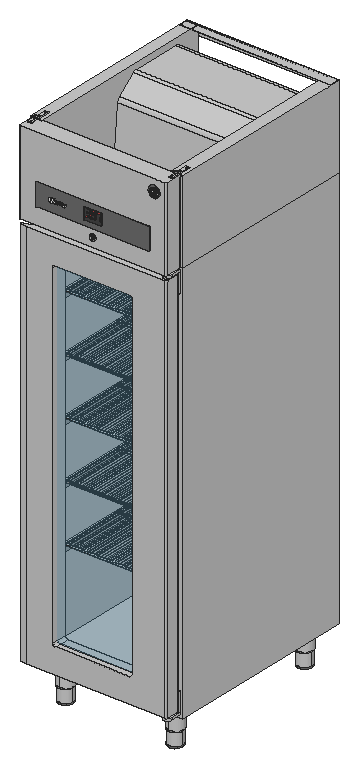
Revit family "QF_HOSHIZAKI_174601010", category Specialty Equipment, Revit 2016
Family settings
  Part Type = Normal
  Round Connector Dimension = Use Diameter
  OmniClass Number = 23.40.40.14
  OmniClass Title = Food Service Equipment
  Work Plane-Based = No
  Always vertical = Yes
  Cut with Voids When Loaded = No
  Shared = No
  Room Calculation Point = No
Parameters (values of type "174601010_230V/1Ph/50Hz")
  Weight = 110.00 kg
  Volts = 230 V
  URL Cutsheet = ""
  URL = "www.hoshizaki-europe.com"
  Status [instance] = ""
  Specification by User [instance] = ""
  Specification by Manufacturer [instance] = ""
  Serial Number = ""
  Seismic Rating = ""
  SMACNA No = ""
  Revision Code [instance] = ""
  Phase = 1
  Number of Poles = 2
  NAFEM Spec ID Number = ""
  Model = "PREMIER KG 60 L DR"
  Min Ckt Ampacity = 0 A
  Max Overcurrent Protection = 0 A
  Masterspec = ""
  Manufacturer = "HOSHIZAKI"
  Length Actual = 610 mm
  Item Number [instance] = ""
  Installed By [instance] = ""
  Identify Quantity as Lot [instance] = no
  Height Actual = 2100 mm
  HP power = ""
  Furnished By [instance] = ""
  Foodservice Equipment Identifier [instance] = yes
  FL Amps = 4.44 A
  Electric power = 1023 W
  Electric Connection Type [instance] = ""
  Elec Conn RI Height [instance] = 0 mm
  Elec Conn Connection Height [instance] = 1650 mm
  Description = "PREMIER REFRIGERATOR, 1/1 GN, AISI 304 STAINLESS STEEL EXTERIOR AND INTERIOR, GLASS DOOR, HC NATURAL REFRIGERANT, LEGS"
  Depth Actual = 920 mm
  Cycle = 50 Hz
  Cost = 0
  Conn Plug = ""
  Conn Conduit = no
  CSI MasterFormat = ""
  Assembly Code = "E1090320"
  Apparent Power = 1023 VA
  Accessory = no
Reference planes
  plane 1 "Center (Front/Back)": y = 0
  plane 2: z = 0
  plane 3 "Center (Left/Right)": x = 0
Forms (mm)
  Extrusion 1, solid, not visible
    sketch origin (579, -2, 1799) x (1, 0, 0) y (0, 1, 0)
      loop
        line (0, 0) -> (2, 0) -> (2, 2) -> (0, 2) -> (0, 0)
    from 0 to 2
Dimensions and locks
  aligned and locked: level to plane 2
Nested families
  nested 1: "QF_HOSHIZAKI_174601010_230V_1Ph_50Hz" at (0, 0, 150), type "174601010_230V/1Ph/50Hz"
    with Show Logo yes, Show Clearance yes
  nested 2: "QF_HOSHIZAKI_PRE_ADV_LEGS" at (0, 0, 0), type "760660118-610X920"
    with Length Actual 610 mm, Height Actual 150 mm, Depth Actual 920 mm
  nested 3: "QF_HOSHIZAKI_PR_60_RX_GL_DOOR" at (0, -780, 160), type "PR_60_RX_GL_DOOR"
    with Show Logo yes, Show Clearance yes
Connectors
  electrical at (580, 0, 1800), driven by "Apparent Power", driven by "Number of Poles", driven by "Volts"
    settings: on Extrusion 1, index 1, voltage 230 V, apparent load 0 VA, apparent load phase1 1023 VA, apparent load phase2 0 VA, apparent load phase3 0 VA, power factor 1, load classification "Other", number of poles 2, system type 31, power factor state 1, is connector primary yes, connector utility no, sub classification motor no, connector description "Electric connection for '174601010'"
Definition of nested family "QF_HOSHIZAKI_174601010_230V_1Ph_50Hz"
  Parameters (values of type "174601010_230V/1Ph/50Hz")
    URL = "www.hoshizaki-europe.com"
    Show Logo [instance] = yes
    Show Clearance [instance] = yes
    Model = "PREMIER KG 60 L DR"
    Manufacturer = "HOSHIZAKI"
    Description = "PREMIER REFRIGERATOR, 1/1 GN, AISI 304 STAINLESS STEEL EXTERIOR AND INTERIOR, GLASS DOOR, HC NATURAL REFRIGERANT, LEGS"
    Assembly Code = "E1090320"
  Types (3, lengths in mm): name | Model | Description
    174601010_230V/1Ph/50Hz | "PREMIER KG 60 L DR" | "PREMIER REFRIGERATOR, 1/1 GN, AISI 304 STAINLESS STEEL EXTERIOR AND INTERIOR, GLASS DOOR, HC NATURAL REFRIGERANT, LEGS"
    174602030 | "PREMIER KG 60 C DR U" | "PREMIER REFRIGERATOR, 1/1 GN, AISI 304 STAINLESS STEEL EXTERIOR AND INTERIOR, GLASS DOOR, HC NATURAL REFRIGERANT, CASTORS"
    174602010 | "PREMIER KG 60 C DR" | "PREMIER REFRIGERATOR, 1/1 GN, AISI 304 STAINLESS STEEL EXTERIOR AND INTERIOR, GLASS DOOR, HC NATURAL REFRIGERANT, CASTORS"
  Reference planes
    plane 1 "Back": y = 0
    plane 2: z = 0
    plane 3 "Left": x = 0
    plane 4 "Right": x = 610
    plane 5 "Front": y = -850
    plane 6 "Top": z = 1950
  Forms (mm)
    Extrusion 1, solid
      sketch origin (-80.57, -2.4, 1950) x (1, 0, 0) y (0, 1, 0)
        loop
          line (675.57, -773.038) -> (675.57, -726.21) -> (660.57, -726.21) -> (660.57, -773.038) -> (675.57, -773.038)
        loop
          circle (668.07, -734.247) r 1.711
        loop
          circle (668.07, -765.001) r 1.711
      from 0 to 2
    Extrusion 2, solid
      sketch origin (-80.57, -61.259, 1950) x (1, 0, 0) y (0, 1, 0)
        loop
          line (675.57, -752.351) -> (675.57, -720.851) -> (660.57, -720.851) -> (660.57, -752.351) -> (675.57, -752.351)
        loop
          circle (668.07, -727.851) r 1.711
        loop
          circle (668.07, -745.351) r 1.711
      from 0 to 2
    Extrusion 3, solid
      sketch origin (580, -2.4, -0.1) x (0, 1, 0) y (0, 0, 1)
        loop
          arc (-776.21, 1952.1) -> (-777.016, 1954.865) -> (-774.851, 1952.966) r 1.5
          line (-774.851, 1952.966) -> (-772.968, 1952.281)
          arc (-772.968, 1952.281) -> (-778.164, 1956.504) -> (-776.21, 1950.1) r 3.5
          line (-776.21, 1950.1) -> (-773.038, 1950.1) -> (-773.038, 1952.1) -> (-776.21, 1952.1)
      from 0 to 15
    Extrusion 4, solid
      sketch origin (-645.57, -2.4, 1950) x (1, 0, 0) y (0, 1, 0)
        loop
          line (675.57, -773.038) -> (675.57, -726.21) -> (660.57, -726.21) -> (660.57, -773.038) -> (675.57, -773.038)
        loop
          circle (668.07, -734.247) r 1.711
        loop
          circle (668.07, -765.001) r 1.711
      from 0 to 2
    Extrusion 5, solid
      sketch origin (-645.57, -61.259, 1950) x (1, 0, 0) y (0, 1, 0)
        loop
          line (675.57, -752.351) -> (675.57, -720.851) -> (660.57, -720.851) -> (660.57, -752.351) -> (675.57, -752.351)
        loop
          circle (668.07, -727.851) r 1.711
        loop
          circle (668.07, -745.351) r 1.711
      from 0 to 2
    Extrusion 6, solid
      sketch origin (15, -2.4, -0.1) x (0, 1, 0) y (0, 0, 1)
        loop
          arc (-776.21, 1952.1) -> (-777.016, 1954.865) -> (-774.851, 1952.966) r 1.5
          line (-774.851, 1952.966) -> (-772.968, 1952.281)
          arc (-772.968, 1952.281) -> (-778.164, 1956.504) -> (-776.21, 1950.1) r 3.5
          line (-776.21, 1950.1) -> (-773.038, 1950.1) -> (-773.038, 1952.1) -> (-776.21, 1952.1)
      from 0 to 15
    Extrusion 7, solid
      sketch origin (0, 0, 0) x (0, 1, 0) y (0, 0, 1)
        loop
          line (-780, 1617.5) -> (0, 1617.5) -> (0, 1948.5)
          arc (0, 1948.5) -> (-0.439, 1949.561) -> (-1.5, 1950) r 1.5
          line (-1.5, 1950) -> (-779.35, 1950)
          arc (-779.35, 1950) -> (-779.81, 1949.81) -> (-780, 1949.35) r 0.65
          line (-780, 1949.35) -> (-780, 1617.5)
      from 0 to 45
    Extrusion 8, solid
      sketch origin (565, 0, 0) x (0, 1, 0) y (0, 0, 1)
        loop
          line (-780, 1617.5) -> (0, 1617.5) -> (0, 1948.5)
          arc (0, 1948.5) -> (-0.439, 1949.561) -> (-1.5, 1950) r 1.5
          line (-1.5, 1950) -> (-779.35, 1950)
          arc (-779.35, 1950) -> (-779.81, 1949.81) -> (-780, 1949.35) r 0.65
          line (-780, 1949.35) -> (-780, 1617.5)
      from 0 to 45
    Extrusion 9, solid
      sketch origin (0, 1.5, -0.1) x (0, 1, 0) y (0, 0, 1)
        loop
          line (-1.51, 1951.6) -> (-38.51, 1951.6) -> (-38.51, 1950.1) -> (-3, 1950.1)
          arc (-3, 1950.1) -> (-1.939, 1949.661) -> (-1.5, 1948.6) r 1.5
          line (-1.5, 1948.6) -> (-1.5, 1914.7) -> (0, 1914.7) -> (0, 1950.09)
          arc (0, 1950.09) -> (-0.442, 1951.158) -> (-1.51, 1951.6) r 1.51
      from 1.06 to 609.06
    Extrusion 10, solid
      sketch origin (0, -2.4, 1949.9) x (1, 0, 0) y (0, 1, 0)
        loop
          line (10, -778.8) -> (10, -842.7)
          arc (10, -842.7) -> (11.435, -846.165) -> (14.9, -847.6) r 4.9
          line (14.9, -847.6) -> (595.1, -847.6)
          arc (595.1, -847.6) -> (598.565, -846.165) -> (600, -842.7) r 4.9
          line (600, -842.7) -> (600, -778.8)
          arc (600, -778.8) -> (599.649, -777.951) -> (598.8, -777.6) r 1.2
          line (598.8, -777.6) -> (11.2, -777.6)
          arc (11.2, -777.6) -> (10.351, -777.951) -> (10, -778.8) r 1.2
      from -332.4 to 0.1
    Extrusion 11, solid
      sketch origin (7.29, 0, 0) x (0, 1, 0) y (0, 0, 1)
        loop
          arc (-113.281, 1932.651) -> (-120.8, 1936.992) -> (-129.35, 1938.5) r 25
          line (-129.35, 1938.5) -> (-324.65, 1938.5)
          arc (-324.65, 1938.5) -> (-333.2, 1936.992) -> (-340.719, 1932.651) r 25
          line (-340.719, 1932.651) -> (-408.922, 1875.423)
          arc (-408.922, 1875.423) -> (-415.027, 1867.815) -> (-417.757, 1858.45) r 25
          line (-417.757, 1858.45) -> (-436.998, 1638.52) -> (-17.002, 1638.52) -> (-36.243, 1858.45)
          arc (-36.243, 1858.45) -> (-38.973, 1867.815) -> (-45.078, 1875.423) r 25
          line (-45.078, 1875.423) -> (-113.281, 1932.651)
      from 52.71 to 542.71
    Extrusion 12, solid
      sketch origin (0, 0, 0) x (1, 0, 0) y (0, 0, 1)
        loop
          line (45, 1638.52) -> (45, 1617.5) -> (565, 1617.5) -> (565, 1638.52) -> (45, 1638.52)
      from 0 to 780
    Extrusion 13, solid
      sketch origin (-800.06, -848.5, -0.1) x (1, 0, 0) y (0, 0, 1)
        loop
          arc (883.06, 1773.1) -> (877.403, 1770.757) -> (875.06, 1765.1) r 8
          line (875.06, 1765.1) -> (875.06, 1691.1)
          arc (875.06, 1691.1) -> (877.403, 1685.443) -> (883.06, 1683.1) r 8
          line (883.06, 1683.1) -> (1327.06, 1683.1)
          arc (1327.06, 1683.1) -> (1332.717, 1685.443) -> (1335.06, 1691.1) r 8
          line (1335.06, 1691.1) -> (1335.06, 1765.1)
          arc (1335.06, 1765.1) -> (1332.717, 1770.757) -> (1327.06, 1773.1) r 8
          line (1327.06, 1773.1) -> (883.06, 1773.1)
        loop
          line (1068.56, 1748.1) -> (1068.56, 1708.1)
          arc (1068.56, 1708.1) -> (1069.439, 1705.979) -> (1071.56, 1705.1) r 3
          line (1071.56, 1705.1) -> (1138.56, 1705.1)
          arc (1138.56, 1705.1) -> (1140.681, 1705.979) -> (1141.56, 1708.1) r 3
          line (1141.56, 1708.1) -> (1141.56, 1748.1)
          arc (1141.56, 1748.1) -> (1140.681, 1750.221) -> (1138.56, 1751.1) r 3
          line (1138.56, 1751.1) -> (1071.56, 1751.1)
          arc (1071.56, 1751.1) -> (1069.439, 1750.221) -> (1068.56, 1748.1) r 3
      from 0 to 2
    Extrusion 14, solid
      sketch origin (-840.06, -848.5, -0.1) x (1, 0, 0) y (0, 0, 1)
        loop
          arc (1111.56, 1751.1) -> (1109.439, 1750.221) -> (1108.56, 1748.1) r 3
          line (1108.56, 1748.1) -> (1108.56, 1708.1)
          arc (1108.56, 1708.1) -> (1109.439, 1705.979) -> (1111.56, 1705.1) r 3
          line (1111.56, 1705.1) -> (1178.56, 1705.1)
          arc (1178.56, 1705.1) -> (1180.681, 1705.979) -> (1181.56, 1708.1) r 3
          line (1181.56, 1708.1) -> (1181.56, 1748.1)
          arc (1181.56, 1748.1) -> (1180.681, 1750.221) -> (1178.56, 1751.1) r 3
          line (1178.56, 1751.1) -> (1111.56, 1751.1)
      from 0 to 2
    Extrusion 15, solid
      sketch origin (-840.06, -849, -0.1) x (1, 0, 0) y (0, 0, 1)
        loop
          line (1136.633, 1749.545) -> (1121.158, 1749.545) -> (1124.075, 1746.361) -> (1133.159, 1746.361) -> (1136.633, 1749.545)
        loop
          line (1133.527, 1745.959) -> (1132.66, 1736.05) -> (1135.577, 1732.867) -> (1137.001, 1749.142) -> (1133.527, 1745.959)
        loop
          line (1132.258, 1735.682) -> (1119.945, 1735.682) -> (1122.862, 1732.498) -> (1135.175, 1732.498) -> (1132.258, 1735.682)
        loop
          line (1132.302, 1731.953) -> (1131.447, 1722.188) -> (1134.365, 1719.004) -> (1135.497, 1731.953) -> (1132.302, 1731.953)
        loop
          line (1131.045, 1721.819) -> (1121.961, 1721.819) -> (1118.487, 1718.636) -> (1133.962, 1718.636) -> (1131.045, 1721.819)
        loop
          line (1145.575, 1746.361) -> (1154.659, 1746.361) -> (1158.133, 1749.545) -> (1142.658, 1749.545) -> (1145.575, 1746.361)
        loop
          line (1144.318, 1736.227) -> (1145.173, 1745.992) -> (1142.255, 1749.176) -> (1141.122, 1736.227) -> (1144.318, 1736.227)
        loop
          line (1155.027, 1745.959) -> (1154.16, 1736.05) -> (1157.077, 1732.867) -> (1158.501, 1749.142) -> (1155.027, 1745.959)
        loop
          line (1153.758, 1735.682) -> (1141.445, 1735.682) -> (1144.362, 1732.498) -> (1156.675, 1732.498) -> (1153.758, 1735.682)
        loop
          line (1153.802, 1731.953) -> (1152.947, 1722.188) -> (1155.865, 1719.004) -> (1156.997, 1731.953) -> (1153.802, 1731.953)
        loop
          line (1152.545, 1721.819) -> (1143.461, 1721.819) -> (1139.987, 1718.636) -> (1155.462, 1718.636) -> (1152.545, 1721.819)
        loop
          line (1167.075, 1746.361) -> (1176.159, 1746.361) -> (1179.633, 1749.545) -> (1164.158, 1749.545) -> (1167.075, 1746.361)
        loop
          line (1176.527, 1745.959) -> (1175.66, 1736.05) -> (1178.577, 1732.867) -> (1180.001, 1749.142) -> (1176.527, 1745.959)
        loop
          line (1175.302, 1731.953) -> (1174.447, 1722.188) -> (1177.365, 1719.004) -> (1178.497, 1731.953) -> (1175.302, 1731.953)
        loop
          line (1138.858, 1721.819) -> (1135.615, 1721.819) -> (1135.336, 1718.636) -> (1138.58, 1718.636) -> (1138.858, 1721.819)
      from 0 to 2
    Revolve 16, solid
      sketch origin (305, 897.6, -0.1) x (0, 1, 0) y (0, 0, 1)
        loop
          line (-1752.6, 1652.1) -> (-1747.6, 1652.1) -> (-1747.6, 1662.634)
          arc (-1747.6, 1662.634) -> (-1748.329, 1663.731) -> (-1749.631, 1663.534) r 1.226
          line (-1749.631, 1663.534) -> (-1752.6, 1660.565) -> (-1752.6, 1652.1)
        axis (-1747.6, 1652.1) -> (-1752.6, 1652.1)
      angle from 0 to 360
    Extrusion 17, void
      sketch origin (-840.06, -853.5, -1.6) x (1, 0, 0) y (0, 0, 1)
        loop
          line (1143.96, 1657.815) -> (1143.96, 1649.385) -> (1146.16, 1649.385) -> (1146.16, 1657.815) -> (1143.96, 1657.815)
      from -3.5 to 2
    Extrusion 18, solid, visible <- "Show Logo"
      sketch origin (1009.884, -848.5, 39.9) x (-1, 0, 0) y (0, 0, -1)
        loop
          circle (459.884, -1862.5) r 13.99
      from 0 to 2.5
    Extrusion 19, solid, visible <- "Show Logo"
      sketch origin (1009.884, -849, 39.9) x (-1, 0, 0) y (0, 0, -1)
        loop
          circle (459.884, -1862.5) r 15
        loop
          arc (446.884, -1862.5) -> (460.705, -1875.474) -> (472.781, -1860.863) r 13
          line (472.781, -1860.863) -> (470.355, -1858.437) -> (469.346, -1862.201) -> (466.355, -1863.928) -> (465.024, -1865.26) -> (463.375, -1865.26) -> (462.04, -1870.241) -> (457.755, -1870.241) -> (459.339, -1867.979) -> (460.402, -1864.014) -> (461.224, -1860.945) -> (462.416, -1856.497) -> (461.216, -1855.297) -> (459.433, -1857.843) -> (455.784, -1851.523) -> (460.361, -1851.523) -> (461.471, -1853.446) -> (469.213, -1853.446)
          arc (469.213, -1853.446) -> (460.394, -1849.51) -> (451.293, -1852.743) r 13
          line (451.293, -1852.743) -> (455.577, -1853.891) -> (453.752, -1856.497) -> (455.349, -1856.497) -> (454.477, -1866.459) -> (452.538, -1866.459) -> (446.884, -1862.5)
        loop
          line (447.853, -1857.467) -> (452.313, -1861.926) -> (450.144, -1853.891)
          arc (450.144, -1853.891) -> (448.878, -1855.602) -> (447.853, -1857.467) r 15.828
        loop
          line (463.583, -1862.877) -> (466.64, -1862.399) -> (464.901, -1861.285) -> (463.583, -1857.664) -> (463.583, -1862.877)
        loop
          line (464.827, -1855.979) -> (468.296, -1856.908) -> (469.573, -1854.916) -> (468.881, -1854.224) -> (467.914, -1855.035) -> (464.827, -1855.979)
        loop
          line (462.609, -1872.307) -> (462.609, -1874.009) -> (464.927, -1873.388) -> (462.609, -1872.307)
        loop
          line (460.361, -1874.662) -> (459.594, -1873.335) -> (460.801, -1872.638) -> (459.186, -1872.205) -> (458.298, -1874.11) -> (460.361, -1874.662)
        loop
          line (459.623, -1846.783) -> (460.706, -1845.701) -> (462.247, -1845.701) -> (461.191, -1844.645) -> (461.503, -1842.874) -> (459.623, -1843.959) -> (457.743, -1842.874) -> (458.055, -1844.645) -> (456.999, -1845.701) -> (458.54, -1845.701) -> (459.623, -1846.783)
        loop
          line (446.86, -1853.7) -> (446.594, -1852.191) -> (447.478, -1850.929) -> (446.007, -1851.188) -> (444.736, -1849.917) -> (444.547, -1852.08) -> (442.579, -1852.997) -> (444.209, -1853.757) -> (444.468, -1855.228) -> (445.352, -1853.965) -> (446.86, -1853.7)
        loop
          line (452.395, -1848.68) -> (452.856, -1847.219) -> (454.223, -1846.508) -> (452.799, -1846.059) -> (452.258, -1844.344) -> (451.091, -1846.175) -> (448.922, -1846.08) -> (450.017, -1847.507) -> (449.568, -1848.931) -> (450.935, -1848.219) -> (452.395, -1848.68)
        loop
          line (472.909, -1853.7) -> (474.417, -1853.965) -> (475.301, -1855.228) -> (475.56, -1853.757) -> (477.19, -1852.997) -> (475.222, -1852.08) -> (475.033, -1849.917) -> (473.761, -1851.188) -> (472.291, -1850.929) -> (473.175, -1852.191) -> (472.909, -1853.7)
        loop
          line (467.374, -1848.68) -> (468.834, -1848.219) -> (470.201, -1848.931) -> (469.752, -1847.507) -> (470.847, -1846.08) -> (468.678, -1846.175) -> (467.511, -1844.344) -> (466.97, -1846.059) -> (465.546, -1846.508) -> (466.913, -1847.219) -> (467.374, -1848.68)
      from 0 to 2.5
    Extrusion 20, solid, visible <- "Show Logo"
      sketch origin (1009.884, -849, 39.9) x (-1, 0, 0) y (0, 0, -1)
        loop
          line (462.609, -1874.009) -> (462.609, -1872.307) -> (462.085, -1870.241) -> (457.755, -1870.241) -> (459.339, -1867.979) -> (462.416, -1856.497) -> (461.216, -1855.297) -> (459.433, -1857.843) -> (455.808, -1851.565) -> (453.948, -1851.565) -> (455.577, -1853.891) -> (454.477, -1866.459) -> (456.345, -1871.339)
          arc (456.345, -1871.339) -> (456.868, -1874.025) -> (459.213, -1875.435) r 3.366
          arc (459.213, -1875.435) -> (460.198, -1875.496) -> (461.183, -1875.435) r 8.046
          line (461.183, -1875.435) -> (462.609, -1874.009)
        loop
          line (456.854, -1851.523) -> (460.361, -1851.523) -> (460.916, -1852.485) -> (462.702, -1852.485) -> (463.779, -1851.407) -> (460.623, -1851.407) -> (461.563, -1850.468) -> (456.245, -1850.468) -> (456.854, -1851.523)
        loop
          line (460.361, -1874.662) -> (459.594, -1873.335) -> (460.801, -1872.638) -> (459.186, -1872.205) -> (458.298, -1874.11) -> (460.361, -1874.662)
      from 0 to 2.5
    Extrusion 21, solid, visible <- "Show Logo"
      sketch origin (995.5, -848.5, 1338.8) x (-1, 0, 0) y (0, 0, -1)
        loop
          circle (445.5, -563.6) r 22.5
      from 0 to 2
    Extrusion 22, solid
      sketch origin (0, 0, 0) x (1, 0, 0) y (0, 0, 1)
        loop
          line (0, 1617.5) -> (0, 0) -> (610, 0) -> (610, 1617.5) -> (0, 1617.5)
        loop
          line (60, 1557.5) -> (60, 60) -> (550, 60) -> (550, 1557.5) -> (60, 1557.5)
      from 0 to 780
    Extrusion 23, solid
      sketch origin (0, 0, 0) x (1, 0, 0) y (0, 0, 1)
        loop
          line (60, 60) -> (550, 60) -> (550, 1557.5) -> (60, 1557.5) -> (60, 60)
      from 0 to 45
    Extrusion 24, solid
      sketch origin (1668.773, -1377.354, 8.619) x (1, 0, 0) y (0, 0, 1)
        loop
          line (-1608.773, 1040.071) -> (-1597.242, 1064.755)
          arc (-1597.242, 1064.755) -> (-1597.517, 1069.496) -> (-1601.631, 1071.869) r 5
          line (-1601.631, 1071.869) -> (-1608.773, 1072.071) -> (-1608.773, 1040.071)
        loop
          line (-1608.773, 812.071) -> (-1597.242, 836.755)
          arc (-1597.242, 836.755) -> (-1597.517, 841.496) -> (-1601.631, 843.869) r 5
          line (-1601.631, 843.869) -> (-1608.773, 844.071) -> (-1608.773, 812.071)
        loop
          line (-1608.773, 584.071) -> (-1597.242, 608.755)
          arc (-1597.242, 608.755) -> (-1597.517, 613.496) -> (-1601.631, 615.869) r 5
          line (-1601.631, 615.869) -> (-1608.773, 616.071) -> (-1608.773, 584.071)
        loop
          line (-1608.773, 356.071) -> (-1597.242, 380.755)
          arc (-1597.242, 380.755) -> (-1597.517, 385.496) -> (-1601.631, 387.869) r 5
          line (-1601.631, 387.869) -> (-1608.773, 388.071) -> (-1608.773, 356.071)
        loop
          line (-1608.773, 1268.071) -> (-1597.242, 1292.755)
          arc (-1597.242, 1292.755) -> (-1597.517, 1297.496) -> (-1601.631, 1299.869) r 5
          line (-1601.631, 1299.869) -> (-1608.773, 1300.071) -> (-1608.773, 1268.071)
      from -1258.581 to -637.848
    Extrusion 25, void
      sketch origin (1668.773, -1377.354, 8.619) x (1, 0, 0) y (0, 1, 0)
        loop
          line (-1608.773, 637.848) -> (-1591.773, 637.848) -> (-1591.773, 665.582) -> (-1608.773, 637.848)
        loop
          line (-1608.773, 1258.581) -> (-1591.773, 1230.847) -> (-1591.773, 1258.581) -> (-1608.773, 1258.581)
      from 313.326 to 1342.987
    Extrusion 26, solid
      sketch origin (1668.773, -1377.354, 122.629) x (1, 0, 0) y (0, 1, 0)
        loop
          line (-1608.773, 1140.914) -> (-1608.773, 1115.914) -> (-1603.773, 1125.914) -> (-1603.773, 1130.914) -> (-1608.773, 1140.914)
      from 227.371 to 252.977
    Extrusion 27, solid
      sketch origin (1668.773, -1377.354, 350.629) x (1, 0, 0) y (0, 1, 0)
        loop
          line (-1608.773, 1140.914) -> (-1608.773, 1115.914) -> (-1603.773, 1125.914) -> (-1603.773, 1130.914) -> (-1608.773, 1140.914)
      from 227.371 to 252.977
    Extrusion 28, solid
      sketch origin (1668.773, -1377.354, 578.629) x (1, 0, 0) y (0, 1, 0)
        loop
          line (-1608.773, 1140.914) -> (-1608.773, 1115.914) -> (-1603.773, 1125.914) -> (-1603.773, 1130.914) -> (-1608.773, 1140.914)
      from 227.371 to 252.977
    Extrusion 29, solid
      sketch origin (1668.773, -1377.354, 806.629) x (1, 0, 0) y (0, 1, 0)
        loop
          line (-1608.773, 1140.914) -> (-1608.773, 1115.914) -> (-1603.773, 1125.914) -> (-1603.773, 1130.914) -> (-1608.773, 1140.914)
      from 227.371 to 252.977
    Extrusion 30, solid
      sketch origin (1668.773, -1737.354, 122.629) x (1, 0, 0) y (0, 1, 0)
        loop
          line (-1608.773, 1140.914) -> (-1608.773, 1115.914) -> (-1603.773, 1125.914) -> (-1603.773, 1130.914) -> (-1608.773, 1140.914)
      from 227.371 to 252.977
    Extrusion 31, solid
      sketch origin (1668.773, -1737.354, 350.629) x (1, 0, 0) y (0, 1, 0)
        loop
          line (-1608.773, 1140.914) -> (-1608.773, 1115.914) -> (-1603.773, 1125.914) -> (-1603.773, 1130.914) -> (-1608.773, 1140.914)
      from 227.371 to 252.977
    Extrusion 32, solid
      sketch origin (1668.773, -1737.354, 578.629) x (1, 0, 0) y (0, 1, 0)
        loop
          line (-1608.773, 1140.914) -> (-1608.773, 1115.914) -> (-1603.773, 1125.914) -> (-1603.773, 1130.914) -> (-1608.773, 1140.914)
      from 227.371 to 252.977
    Extrusion 33, solid
      sketch origin (1668.773, -1737.354, 806.629) x (1, 0, 0) y (0, 1, 0)
        loop
          line (-1608.773, 1140.914) -> (-1608.773, 1115.914) -> (-1603.773, 1125.914) -> (-1603.773, 1130.914) -> (-1608.773, 1140.914)
      from 227.371 to 252.977
    Extrusion 34, solid
      sketch origin (-1058.773, -1377.354, 8.619) x (-1, 0, 0) y (0, 0, -1)
        loop
          line (-1608.773, -1040.071) -> (-1608.773, -1072.071) -> (-1601.631, -1071.869)
          arc (-1601.631, -1071.869) -> (-1597.517, -1069.496) -> (-1597.242, -1064.755) r 5
          line (-1597.242, -1064.755) -> (-1608.773, -1040.071)
        loop
          line (-1608.773, -812.071) -> (-1608.773, -844.071) -> (-1601.631, -843.869)
          arc (-1601.631, -843.869) -> (-1597.517, -841.496) -> (-1597.242, -836.755) r 5
          line (-1597.242, -836.755) -> (-1608.773, -812.071)
        loop
          line (-1608.773, -584.071) -> (-1608.773, -616.071) -> (-1601.631, -615.869)
          arc (-1601.631, -615.869) -> (-1597.517, -613.496) -> (-1597.242, -608.755) r 5
          line (-1597.242, -608.755) -> (-1608.773, -584.071)
        loop
          line (-1608.773, -356.071) -> (-1608.773, -388.071) -> (-1601.631, -387.869)
          arc (-1601.631, -387.869) -> (-1597.517, -385.496) -> (-1597.242, -380.755) r 5
          line (-1597.242, -380.755) -> (-1608.773, -356.071)
        loop
          line (-1608.773, -1268.071) -> (-1608.773, -1300.071) -> (-1601.631, -1299.869)
          arc (-1601.631, -1299.869) -> (-1597.517, -1297.496) -> (-1597.242, -1292.755) r 5
          line (-1597.242, -1292.755) -> (-1608.773, -1268.071)
      from -1258.581 to -637.848
    Extrusion 35, void
      sketch origin (-1058.773, -1377.354, 8.619) x (-1, 0, 0) y (0, -1, 0)
        loop
          line (-1608.773, -637.848) -> (-1591.773, -665.582) -> (-1591.773, -637.848) -> (-1608.773, -637.848)
        loop
          line (-1608.773, -1258.581) -> (-1591.773, -1258.581) -> (-1591.773, -1230.847) -> (-1608.773, -1258.581)
      from 319.057 to 1352.987
    Extrusion 36, solid
      sketch origin (-1058.773, -1377.354, 122.629) x (-1, 0, 0) y (0, -1, 0)
        loop
          line (-1608.773, -1140.914) -> (-1603.773, -1130.914) -> (-1603.773, -1125.914) -> (-1608.773, -1115.914) -> (-1608.773, -1140.914)
      from 227.371 to 252.977
    Extrusion 37, solid
      sketch origin (-1058.773, -1377.354, 350.629) x (-1, 0, 0) y (0, -1, 0)
        loop
          line (-1608.773, -1140.914) -> (-1603.773, -1130.914) -> (-1603.773, -1125.914) -> (-1608.773, -1115.914) -> (-1608.773, -1140.914)
      from 227.371 to 252.977
    Extrusion 38, solid
      sketch origin (-1058.773, -1377.354, 578.629) x (-1, 0, 0) y (0, -1, 0)
        loop
          line (-1608.773, -1140.914) -> (-1603.773, -1130.914) -> (-1603.773, -1125.914) -> (-1608.773, -1115.914) -> (-1608.773, -1140.914)
      from 227.371 to 252.977
    Extrusion 39, solid
      sketch origin (-1058.773, -1377.354, 806.629) x (-1, 0, 0) y (0, -1, 0)
        loop
          line (-1608.773, -1140.914) -> (-1603.773, -1130.914) -> (-1603.773, -1125.914) -> (-1608.773, -1115.914) -> (-1608.773, -1140.914)
      from 227.371 to 252.977
    Extrusion 40, solid
      sketch origin (-1058.773, -1737.354, 122.629) x (-1, 0, 0) y (0, -1, 0)
        loop
          line (-1608.773, -1140.914) -> (-1603.773, -1130.914) -> (-1603.773, -1125.914) -> (-1608.773, -1115.914) -> (-1608.773, -1140.914)
      from 227.371 to 252.977
    Extrusion 41, solid
      sketch origin (-1058.773, -1737.354, 350.629) x (-1, 0, 0) y (0, -1, 0)
        loop
          line (-1608.773, -1140.914) -> (-1603.773, -1130.914) -> (-1603.773, -1125.914) -> (-1608.773, -1115.914) -> (-1608.773, -1140.914)
      from 227.371 to 252.977
    Extrusion 42, solid
      sketch origin (-1058.773, -1737.354, 578.629) x (-1, 0, 0) y (0, -1, 0)
        loop
          line (-1608.773, -1140.914) -> (-1603.773, -1130.914) -> (-1603.773, -1125.914) -> (-1608.773, -1115.914) -> (-1608.773, -1140.914)
      from 227.371 to 252.977
    Extrusion 43, solid
      sketch origin (-1058.773, -1737.354, 806.629) x (-1, 0, 0) y (0, -1, 0)
        loop
          line (-1608.773, -1140.914) -> (-1603.773, -1130.914) -> (-1603.773, -1125.914) -> (-1608.773, -1115.914) -> (-1608.773, -1140.914)
      from 227.371 to 252.977
    Extrusion 44, solid
      sketch origin (1668.773, -1377.354, 1034.629) x (1, 0, 0) y (0, 1, 0)
        loop
          line (-1608.773, 1140.914) -> (-1608.773, 1115.914) -> (-1603.773, 1125.914) -> (-1603.773, 1130.914) -> (-1608.773, 1140.914)
      from 227.371 to 252.977
    Extrusion 45, solid
      sketch origin (1668.773, -1737.354, 1034.629) x (1, 0, 0) y (0, 1, 0)
        loop
          line (-1608.773, 1140.914) -> (-1608.773, 1115.914) -> (-1603.773, 1125.914) -> (-1603.773, 1130.914) -> (-1608.773, 1140.914)
      from 227.371 to 252.977
    Extrusion 46, solid
      sketch origin (-1058.773, -1377.354, 1034.629) x (-1, 0, 0) y (0, -1, 0)
        loop
          line (-1608.773, -1140.914) -> (-1603.773, -1130.914) -> (-1603.773, -1125.914) -> (-1608.773, -1115.914) -> (-1608.773, -1140.914)
      from 227.371 to 252.977
    Extrusion 47, solid
      sketch origin (-1058.773, -1737.354, 1034.629) x (-1, 0, 0) y (0, -1, 0)
        loop
          line (-1608.773, -1140.914) -> (-1603.773, -1130.914) -> (-1603.773, -1125.914) -> (-1608.773, -1115.914) -> (-1608.773, -1140.914)
      from 227.371 to 252.977
    Sweep 48, solid
      path origin (67.141, -164.14, 1311.988) x (1, 0, 0) y (0, 1, 0)
        loop
          arc (11.859, 0) -> (3.373, -3.515) -> (-0.141, -12) r 12
          line (-0.141, -12) -> (-0.141, -518)
          arc (-0.141, -518) -> (3.373, -526.485) -> (11.859, -530) r 12
          line (11.859, -530) -> (463.859, -530)
          arc (463.859, -530) -> (472.344, -526.485) -> (475.859, -518) r 12
          line (475.859, -518) -> (475.859, -12)
          arc (475.859, -12) -> (472.344, -3.515) -> (463.859, 0) r 12
          line (463.859, 0) -> (11.859, 0)
      profile origin (305, -164.14, 1311.988) x (0, 1, 0) y (0, 0, 1)
        loop
          circle (0, 0) r 3.5
    Extrusion 49, solid
      sketch origin (60.141, -164.14, 1311.988) x (1, 0, 0) y (0, 0, 1)
        loop
          circle (14.5, 4.5) r 1
        loop
          circle (27, 4.5) r 1
        loop
          circle (39.5, 4.5) r 1
        loop
          circle (52, 4.5) r 1
        loop
          circle (64.5, 4.5) r 1
        loop
          circle (77, 4.5) r 1
        loop
          circle (89.5, 4.5) r 1
        loop
          circle (102, 4.5) r 1
        loop
          circle (114.5, 4.5) r 1
        loop
          circle (127, 4.5) r 1
        loop
          circle (139.5, 4.5) r 1
        loop
          circle (152, 4.5) r 1
        loop
          circle (164.5, 4.5) r 1
        loop
          circle (177, 4.5) r 1
        loop
          circle (189.5, 4.5) r 1
        loop
          circle (202, 4.5) r 1
        loop
          circle (214.5, 4.5) r 1
        loop
          circle (227, 4.5) r 1
        loop
          circle (239.5, 4.5) r 1
        loop
          circle (252, 4.5) r 1
        loop
          circle (264.5, 4.5) r 1
        loop
          circle (277, 4.5) r 1
        loop
          circle (289.5, 4.5) r 1
        loop
          circle (302, 4.5) r 1
        loop
          circle (314.5, 4.5) r 1
        loop
          circle (327, 4.5) r 1
        loop
          circle (339.5, 4.5) r 1
        loop
          circle (352, 4.5) r 1
        loop
          circle (364.5, 4.5) r 1
        loop
          circle (377, 4.5) r 1
        loop
          circle (389.5, 4.5) r 1
        loop
          circle (402, 4.5) r 1
        loop
          circle (414.5, 4.5) r 1
        loop
          circle (427, 4.5) r 1
        loop
          circle (439.5, 4.5) r 1
        loop
          circle (452, 4.5) r 1
        loop
          circle (464.5, 4.5) r 1
        loop
          circle (477, 4.5) r 1
      from 0 to 530
    Extrusion 50, solid
      sketch origin (67.5, -217.64, 1311.988) x (0, 1, 0) y (0, 0, 1)
        loop
          circle (-211.5, 0) r 3.5
      from 0 to 475
    Sweep 51, solid
      path origin (67.141, -164.14, 1083.988) x (1, 0, 0) y (0, 1, 0)
        loop
          arc (11.859, 0) -> (3.373, -3.515) -> (-0.141, -12) r 12
          line (-0.141, -12) -> (-0.141, -518)
          arc (-0.141, -518) -> (3.373, -526.485) -> (11.859, -530) r 12
          line (11.859, -530) -> (463.859, -530)
          arc (463.859, -530) -> (472.344, -526.485) -> (475.859, -518) r 12
          line (475.859, -518) -> (475.859, -12)
          arc (475.859, -12) -> (472.344, -3.515) -> (463.859, 0) r 12
          line (463.859, 0) -> (11.859, 0)
      profile origin (305, -164.14, 1083.988) x (0, 1, 0) y (0, 0, 1)
        loop
          circle (0, 0) r 3.5
    Extrusion 52, solid
      sketch origin (60.141, -164.14, 1083.988) x (1, 0, 0) y (0, 0, 1)
        loop
          circle (14.5, 4.5) r 1
        loop
          circle (27, 4.5) r 1
        loop
          circle (39.5, 4.5) r 1
        loop
          circle (52, 4.5) r 1
        loop
          circle (64.5, 4.5) r 1
        loop
          circle (77, 4.5) r 1
        loop
          circle (89.5, 4.5) r 1
        loop
          circle (102, 4.5) r 1
        loop
          circle (114.5, 4.5) r 1
        loop
          circle (127, 4.5) r 1
        loop
          circle (139.5, 4.5) r 1
        loop
          circle (152, 4.5) r 1
        loop
          circle (164.5, 4.5) r 1
        loop
          circle (177, 4.5) r 1
        loop
          circle (189.5, 4.5) r 1
        loop
          circle (202, 4.5) r 1
        loop
          circle (214.5, 4.5) r 1
        loop
          circle (227, 4.5) r 1
        loop
          circle (239.5, 4.5) r 1
        loop
          circle (252, 4.5) r 1
        loop
          circle (264.5, 4.5) r 1
        loop
          circle (277, 4.5) r 1
        loop
          circle (289.5, 4.5) r 1
        loop
          circle (302, 4.5) r 1
        loop
          circle (314.5, 4.5) r 1
        loop
          circle (327, 4.5) r 1
        loop
          circle (339.5, 4.5) r 1
        loop
          circle (352, 4.5) r 1
        loop
          circle (364.5, 4.5) r 1
        loop
          circle (377, 4.5) r 1
        loop
          circle (389.5, 4.5) r 1
        loop
          circle (402, 4.5) r 1
        loop
          circle (414.5, 4.5) r 1
        loop
          circle (427, 4.5) r 1
        loop
          circle (439.5, 4.5) r 1
        loop
          circle (452, 4.5) r 1
        loop
          circle (464.5, 4.5) r 1
        loop
          circle (477, 4.5) r 1
      from 0 to 530
    Extrusion 53, solid
      sketch origin (67.5, -217.64, 1083.988) x (0, 1, 0) y (0, 0, 1)
        loop
          circle (-211.5, 0) r 3.5
      from 0 to 475
    Sweep 54, solid
      path origin (67.141, -164.14, 855.988) x (1, 0, 0) y (0, 1, 0)
        loop
          arc (11.859, 0) -> (3.373, -3.515) -> (-0.141, -12) r 12
          line (-0.141, -12) -> (-0.141, -518)
          arc (-0.141, -518) -> (3.373, -526.485) -> (11.859, -530) r 12
          line (11.859, -530) -> (463.859, -530)
          arc (463.859, -530) -> (472.344, -526.485) -> (475.859, -518) r 12
          line (475.859, -518) -> (475.859, -12)
          arc (475.859, -12) -> (472.344, -3.515) -> (463.859, 0) r 12
          line (463.859, 0) -> (11.859, 0)
      profile origin (305, -164.14, 855.988) x (0, 1, 0) y (0, 0, 1)
        loop
          circle (0, 0) r 3.5
    Extrusion 55, solid
      sketch origin (60.141, -164.14, 855.988) x (1, 0, 0) y (0, 0, 1)
        loop
          circle (14.5, 4.5) r 1
        loop
          circle (27, 4.5) r 1
        loop
          circle (39.5, 4.5) r 1
        loop
          circle (52, 4.5) r 1
        loop
          circle (64.5, 4.5) r 1
        loop
          circle (77, 4.5) r 1
        loop
          circle (89.5, 4.5) r 1
        loop
          circle (102, 4.5) r 1
        loop
          circle (114.5, 4.5) r 1
        loop
          circle (127, 4.5) r 1
        loop
          circle (139.5, 4.5) r 1
        loop
          circle (152, 4.5) r 1
        loop
          circle (164.5, 4.5) r 1
        loop
          circle (177, 4.5) r 1
        loop
          circle (189.5, 4.5) r 1
        loop
          circle (202, 4.5) r 1
        loop
          circle (214.5, 4.5) r 1
        loop
          circle (227, 4.5) r 1
        loop
          circle (239.5, 4.5) r 1
        loop
          circle (252, 4.5) r 1
        loop
          circle (264.5, 4.5) r 1
        loop
          circle (277, 4.5) r 1
        loop
          circle (289.5, 4.5) r 1
        loop
          circle (302, 4.5) r 1
        loop
          circle (314.5, 4.5) r 1
        loop
          circle (327, 4.5) r 1
        loop
          circle (339.5, 4.5) r 1
        loop
          circle (352, 4.5) r 1
        loop
          circle (364.5, 4.5) r 1
        loop
          circle (377, 4.5) r 1
        loop
          circle (389.5, 4.5) r 1
        loop
          circle (402, 4.5) r 1
        loop
          circle (414.5, 4.5) r 1
        loop
          circle (427, 4.5) r 1
        loop
          circle (439.5, 4.5) r 1
        loop
          circle (452, 4.5) r 1
        loop
          circle (464.5, 4.5) r 1
        loop
          circle (477, 4.5) r 1
      from 0 to 530
    Extrusion 56, solid
      sketch origin (67.5, -217.64, 855.988) x (0, 1, 0) y (0, 0, 1)
        loop
          circle (-211.5, 0) r 3.5
      from 0 to 475
    Sweep 57, solid
      path origin (67.141, -164.14, 627.988) x (1, 0, 0) y (0, 1, 0)
        loop
          arc (11.859, 0) -> (3.373, -3.515) -> (-0.141, -12) r 12
          line (-0.141, -12) -> (-0.141, -518)
          arc (-0.141, -518) -> (3.373, -526.485) -> (11.859, -530) r 12
          line (11.859, -530) -> (463.859, -530)
          arc (463.859, -530) -> (472.344, -526.485) -> (475.859, -518) r 12
          line (475.859, -518) -> (475.859, -12)
          arc (475.859, -12) -> (472.344, -3.515) -> (463.859, 0) r 12
          line (463.859, 0) -> (11.859, 0)
      profile origin (305, -164.14, 627.988) x (0, 1, 0) y (0, 0, 1)
        loop
          circle (0, 0) r 3.5
    Extrusion 58, solid
      sketch origin (60.141, -164.14, 627.988) x (1, 0, 0) y (0, 0, 1)
        loop
          circle (14.5, 4.5) r 1
        loop
          circle (27, 4.5) r 1
        loop
          circle (39.5, 4.5) r 1
        loop
          circle (52, 4.5) r 1
        loop
          circle (64.5, 4.5) r 1
        loop
          circle (77, 4.5) r 1
        loop
          circle (89.5, 4.5) r 1
        loop
          circle (102, 4.5) r 1
        loop
          circle (114.5, 4.5) r 1
        loop
          circle (127, 4.5) r 1
        loop
          circle (139.5, 4.5) r 1
        loop
          circle (152, 4.5) r 1
        loop
          circle (164.5, 4.5) r 1
        loop
          circle (177, 4.5) r 1
        loop
          circle (189.5, 4.5) r 1
        loop
          circle (202, 4.5) r 1
        loop
          circle (214.5, 4.5) r 1
        loop
          circle (227, 4.5) r 1
        loop
          circle (239.5, 4.5) r 1
        loop
          circle (252, 4.5) r 1
        loop
          circle (264.5, 4.5) r 1
        loop
          circle (277, 4.5) r 1
        loop
          circle (289.5, 4.5) r 1
        loop
          circle (302, 4.5) r 1
        loop
          circle (314.5, 4.5) r 1
        loop
          circle (327, 4.5) r 1
        loop
          circle (339.5, 4.5) r 1
        loop
          circle (352, 4.5) r 1
        loop
          circle (364.5, 4.5) r 1
        loop
          circle (377, 4.5) r 1
        loop
          circle (389.5, 4.5) r 1
        loop
          circle (402, 4.5) r 1
        loop
          circle (414.5, 4.5) r 1
        loop
          circle (427, 4.5) r 1
        loop
          circle (439.5, 4.5) r 1
        loop
          circle (452, 4.5) r 1
        loop
          circle (464.5, 4.5) r 1
        loop
          circle (477, 4.5) r 1
      from 0 to 530
    Extrusion 59, solid
      sketch origin (67.5, -217.64, 627.988) x (0, 1, 0) y (0, 0, 1)
        loop
          circle (-211.5, 0) r 3.5
      from 0 to 475
    Sweep 60, solid
      path origin (67.141, -164.14, 399.988) x (1, 0, 0) y (0, 1, 0)
        loop
          arc (11.859, 0) -> (3.373, -3.515) -> (-0.141, -12) r 12
          line (-0.141, -12) -> (-0.141, -518)
          arc (-0.141, -518) -> (3.373, -526.485) -> (11.859, -530) r 12
          line (11.859, -530) -> (463.859, -530)
          arc (463.859, -530) -> (472.344, -526.485) -> (475.859, -518) r 12
          line (475.859, -518) -> (475.859, -12)
          arc (475.859, -12) -> (472.344, -3.515) -> (463.859, 0) r 12
          line (463.859, 0) -> (11.859, 0)
      profile origin (305, -164.14, 399.988) x (0, 1, 0) y (0, 0, 1)
        loop
          circle (0, 0) r 3.5
    Extrusion 61, solid
      sketch origin (60.141, -164.14, 399.988) x (1, 0, 0) y (0, 0, 1)
        loop
          circle (14.5, 4.5) r 1
        loop
          circle (27, 4.5) r 1
        loop
          circle (39.5, 4.5) r 1
        loop
          circle (52, 4.5) r 1
        loop
          circle (64.5, 4.5) r 1
        loop
          circle (77, 4.5) r 1
        loop
          circle (89.5, 4.5) r 1
        loop
          circle (102, 4.5) r 1
        loop
          circle (114.5, 4.5) r 1
        loop
          circle (127, 4.5) r 1
        loop
          circle (139.5, 4.5) r 1
        loop
          circle (152, 4.5) r 1
        loop
          circle (164.5, 4.5) r 1
        loop
          circle (177, 4.5) r 1
        loop
          circle (189.5, 4.5) r 1
        loop
          circle (202, 4.5) r 1
        loop
          circle (214.5, 4.5) r 1
        loop
          circle (227, 4.5) r 1
        loop
          circle (239.5, 4.5) r 1
        loop
          circle (252, 4.5) r 1
        loop
          circle (264.5, 4.5) r 1
        loop
          circle (277, 4.5) r 1
        loop
          circle (289.5, 4.5) r 1
        loop
          circle (302, 4.5) r 1
        loop
          circle (314.5, 4.5) r 1
        loop
          circle (327, 4.5) r 1
        loop
          circle (339.5, 4.5) r 1
        loop
          circle (352, 4.5) r 1
        loop
          circle (364.5, 4.5) r 1
        loop
          circle (377, 4.5) r 1
        loop
          circle (389.5, 4.5) r 1
        loop
          circle (402, 4.5) r 1
        loop
          circle (414.5, 4.5) r 1
        loop
          circle (427, 4.5) r 1
        loop
          circle (439.5, 4.5) r 1
        loop
          circle (452, 4.5) r 1
        loop
          circle (464.5, 4.5) r 1
        loop
          circle (477, 4.5) r 1
      from 0 to 530
    Extrusion 62, solid
      sketch origin (67.5, -217.64, 399.988) x (0, 1, 0) y (0, 0, 1)
        loop
          circle (-211.5, 0) r 3.5
      from 0 to 475
    Extrusion 63, solid, visible <- "Show Logo"
      sketch origin (725.623, -849, -52.206) x (1, 0, 0) y (0, 0, 1)
        loop
          line (-574.302, 1788.729) -> (-583.131, 1788.729)
          arc (-583.131, 1788.729) -> (-589.303, 1787.599) -> (-594.673, 1784.355) r 17.416
          arc (-594.673, 1784.355) -> (-596.462, 1781.094) -> (-595.769, 1777.439) r 5.506
          arc (-595.769, 1777.439) -> (-593.146, 1774.866) -> (-589.587, 1773.956) r 7.07
          line (-589.587, 1773.956) -> (-587.25, 1773.956) -> (-588.248, 1771.34) -> (-581.613, 1771.34) -> (-580.432, 1773.956) -> (-571.398, 1773.956) -> (-569.064, 1779.592) -> (-566.746, 1773.956) -> (-559.715, 1773.956) -> (-557.728, 1776.29) -> (-552.838, 1776.29) -> (-551.953, 1773.956) -> (-545.563, 1773.956) -> (-543.121, 1779.778) -> (-540.707, 1773.914) -> (-533.897, 1779.586) -> (-536.239, 1773.956) -> (-530.603, 1773.956) -> (-526.429, 1784.233) -> (-531.941, 1784.233) -> (-537.329, 1779.747) -> (-539.135, 1784.233) -> (-544.054, 1784.233) -> (-547.268, 1776.58) -> (-550.408, 1784.233) -> (-554.271, 1784.233) -> (-561.118, 1776.477) -> (-561.995, 1776.477) -> (-562.958, 1778.877)
          arc (-562.958, 1778.877) -> (-561.217, 1779.568) -> (-560.011, 1781.001) r 3.84
          arc (-560.011, 1781.001) -> (-560.124, 1783.171) -> (-562.025, 1784.225) r 2.241
          line (-562.025, 1784.225) -> (-573.005, 1784.225) -> (-576.227, 1776.507) -> (-579.37, 1776.507) -> (-576.183, 1784.227) -> (-585.103, 1784.227) -> (-586.099, 1781.742) -> (-583.981, 1781.742) -> (-586.194, 1776.345)
          arc (-586.194, 1776.345) -> (-588.764, 1776.925) -> (-590.188, 1779.141) r 3.476
          arc (-590.188, 1779.141) -> (-590.046, 1780.636) -> (-589.587, 1782.064) r 6.962
          arc (-589.587, 1782.064) -> (-587.018, 1785.071) -> (-583.227, 1786.194) r 6.962
          line (-583.227, 1786.194) -> (-575.446, 1786.194) -> (-574.302, 1788.729)
        loop
          line (-568.201, 1781.677) -> (-568.99, 1779.771) -> (-567.006, 1779.771)
          arc (-567.006, 1779.771) -> (-565.95, 1780.209) -> (-565.513, 1781.264) r 1.493
          arc (-565.513, 1781.264) -> (-565.795, 1781.565) -> (-566.192, 1781.677) r 0.765
          line (-566.192, 1781.677) -> (-568.201, 1781.677)
        loop
          line (-554.482, 1780.63) -> (-556.797, 1778.007) -> (-553.488, 1778.007) -> (-554.482, 1780.63)
      from 0 to 2
  Cuts and joins
    joined: Extrusion 22, Extrusion 23
    Extrusion 35 cuts Extrusion 34
    Extrusion 25 cuts Extrusion 24
    Extrusion 17 cuts Revolve 16
  Lines and regions (mm)
    symbolic lines
      curve 1: line (0, 0, 0) -> (0, -780, 0)
      curve 2: line (610, -780, 0) -> (610, 0, 0)
      curve 3: line (14.9, -850, 0) -> (595.1, -850, 0)
      curve 4: line (610, 0, 0) -> (0, 0, 0)
      curve 5: line (55.882, -37.01, 0) -> (55.882, -436.998, 0)
      curve 6: line (55.882, -436.998, 0) -> (550.05, -436.998, 0)
      curve 7: line (550.05, -436.998, 0) -> (550.05, -37.01, 0)
      curve 8: line (565, -37.01, 0) -> (565, -780, 0)
      curve 9: line (45, -780, 0) -> (45, -37.01, 0)
      curve 10: line (0, -37.01, 0) -> (610, -37.01, 0)
      curve 11: line (610, -780, 0) -> (0, -780, 0)
      curve 12: line (600, -845.1, 0) -> (600, -781.2, 0)
      curve 13: arc (595.1, -850, 0) -> (598.565, -848.565, 0) -> (600, -845.1, 0) r 4.9
      curve 14: arc (10, -845.1, 0) -> (11.435, -848.565, 0) -> (14.9, -850, 0) r 4.9
      curve 15: line (10, -781.2, 0) -> (10, -845.1, 0)
      curve 16: arc (11.2, -780, 0) -> (10.351, -780.351, 0) -> (10, -781.2, 0) r 1.2
      curve 17: arc (600, -781.2, 0) -> (599.649, -780.351, 0) -> (598.8, -780, 0) r 1.2
  Dimensions and locks
    plane 4 "Right" to plane 3 "Left" = 610 mm
    plane 6 "Top" to level = 1950 mm
    plane 3 "Left" to plane 4 "Right" = 610 mm
    plane 5 "Front" to plane 1 "Back" = 850 mm
    plane 1 "Back" to plane 5 "Front" = 850 mm
    aligned and locked: level to plane 2
Definition of nested family "QF_HOSHIZAKI_PRE_ADV_LEGS"
  Parameters (values of type "760660118-610X920")
    Weight [instance] = 0.00 kg
    URL Cutsheet [instance] = ""
    URL = "www.hoshizaki-europe.com"
    Status [instance] = ""
    Specification by User [instance] = ""
    Specification by Manufacturer [instance] = ""
    Serial Number [instance] = ""
    Seismic Rating [instance] = ""
    SMACNA No [instance] = ""
    Right offset = 85 mm
    Revision Code [instance] = ""
    Rear offset = 64 mm
    NAFEM Spec ID Number [instance] = ""
    Model = "L1"
    Masterspec [instance] = ""
    Manufacturer = "HOSHIZAKI"
    Length Actual [instance] = 610 mm
    Left offset = 85 mm
    Item Number [instance] = ""
    Installed By [instance] = ""
    Identify Quantity as Lot [instance] = no
    Height Actual [instance] = 150 mm
    Furnished By [instance] = ""
    Front offset = 209 mm
    Foodservice Equipment Identifier [instance] = no
    Description = "SET OF STAINLESS LEGS 130-180 MM"
    Depth Actual [instance] = 920 mm
    Cost = 0
    CSI MasterFormat [instance] = ""
    Assembly Code = "E1090320"
    Accessory [instance] = yes
  Reference planes
    plane 1 "Back": y = 0
    plane 2: z = 0
    plane 3 "Left": x = 0
    plane 4 "Right": x = 610
    plane 5 "Front": y = -920
    plane 6 "Top": z = 150
    plane 7 "Left offset": x = 85
    plane 8 "Right offset": x = 525
    plane 9 "Rear offset": y = -64
    plane 10 "Front offset": y = -711
    plane 11 "Central": x = 305
  Dimensions and locks
    "Length Actual": plane 3 "Left" to plane 4 "Right"
    "Depth Actual": plane 5 "Front" to plane 1 "Back"
    "Left offset": plane 3 "Left" to plane 7 "Left offset"
    "Right offset": plane 8 "Right offset" to plane 4 "Right"
    "Rear offset": plane 9 "Rear offset" to plane 1 "Back"
    "Front offset": plane 10 "Front offset" to plane 5 "Front"
    "Height Actual": plane 6 "Top" to plane 2
    equal spacing: plane 7 "Left offset", plane 11 "Central", plane 8 "Right offset"
    aligned and locked: level to plane 2
    aligned and locked: nested 1 to plane 9 "Rear offset"
    aligned and locked: nested 2 to plane 9 "Rear offset"
    aligned and locked: nested 1 to plane 7 "Left offset"
    aligned and locked: nested 2 to plane 8 "Right offset"
    aligned and locked: nested 3 to plane 10 "Front offset"
    aligned and locked: nested 4 to plane 10 "Front offset"
    aligned and locked: nested 3 to plane 7 "Left offset"
    aligned and locked: nested 4 to plane 8 "Right offset"
  Nested families
    nested 1: "QF_LEGS" at (85, -64, 0), type "LEGS"
    nested 2: "QF_LEGS" at (525, -64, 0), type "LEGS"
    nested 3: "QF_LEGS" at (85, -711, 0), type "LEGS"
    nested 4: "QF_LEGS" at (525, -711, 0), type "LEGS"
  Definition of nested family "QF_LEGS"
    Parameters (values of type "LEGS")
      Height = 150 mm
    Reference planes
      plane 1 "Center (Front/Back)": y = 0
      plane 2: z = 0
      plane 3 "Center (Left/Right)": x = 0
      plane 4 "Top": z = 150
      plane 5: z = 147.5
    Forms (mm)
      Extrusion 1, solid
        sketch origin (0, 0, 150) x (0, 1, 0) y (-1, 0, 0)
          loop
            line (40, 40) -> (-40, 40) -> (-40, -40) -> (40, -40) -> (40, 40)
        from 0 to -2.5
      Extrusion 2, solid
        sketch origin (-199.986, 580, 0) x (1, 0, 0) y (0, 1, 0)
          loop
            circle (199.986, -580) r 28
        from 5 to 58
      Extrusion 3, solid
        sketch origin (-199.986, 580, 0) x (1, 0, 0) y (0, 1, 0)
          loop
            circle (199.986, -580) r 29
        from 0 to 5
      Revolve 4, solid
        sketch origin (0, 0, 0) x (0, 1, 0) y (0, 0, 1)
          loop
            line (0, 147.5) -> (-31.75, 147.5) -> (-31.75, 61.75)
            arc (-31.75, 61.75) -> (-30.652, 59.098) -> (-28, 58) r 3.75
            line (-28, 58) -> (0, 58) -> (0, 147.5)
          axis (0, 58) -> (0, 147.5)
        angle from 0 to 360
    Dimensions and locks
      "Height": plane 4 "Top" to plane 2
      locked: plane 4 "Top" to plane 5 at 2.5
      aligned and locked: level to plane 2
      aligned and locked: Revolve 4 sketch curve to plane 1 "Center (Front/Back)"
      aligned and locked: Extrusion 1 to plane 5
      aligned and locked: Revolve 4 sketch curve to plane 5
    Automatic sketch dimensions
      plane 1 "Center (Front/Back)" to Extrusion 1 sketch curve = 40 mm
      Extrusion 1 sketch curve to plane 1 "Center (Front/Back)" = 40 mm
      plane 3 "Center (Left/Right)" to Extrusion 1 sketch curve = 40 mm
      Extrusion 1 sketch curve to plane 3 "Center (Left/Right)" = 40 mm
      plane 1 "Center (Front/Back)" to Extrusion 2 sketch curve = 0 mm
      Extrusion 2 sketch curve to plane 3 "Center (Left/Right)" = 0 mm
      plane 1 "Center (Front/Back)" to Extrusion 3 sketch curve = 0 mm
      Extrusion 3 sketch curve to plane 3 "Center (Left/Right)" = 0 mm
      Revolve 4 sketch curve to plane 1 "Center (Front/Back)" = 0 mm
      Revolve 4 sketch curve to plane 5 = 0 mm
      plane 1 "Center (Front/Back)" to Revolve 4 sketch curve = 28 mm
      level to Revolve 4 sketch curve = 61.75 mm
      Revolve 4 sketch curve to Revolve 4 sketch curve = 3.75 mm
      Revolve 4 sketch curve to Revolve 4 sketch curve = 28 mm
      radius of Extrusion 2 sketch curve = 28 mm
      radius of Extrusion 3 sketch curve = 29 mm
Definition of nested family "QF_HOSHIZAKI_PR_60_RX_GL_DOOR"
  Parameters (values of type "PR_60_RX_GL_DOOR")
    Weight [instance] = 0.00 kg
    URL Cutsheet [instance] = ""
    URL = "www.hoshizaki-europe.com"
    Status [instance] = ""
    Specification by User [instance] = ""
    Specification by Manufacturer [instance] = ""
    Show Logo [instance] = yes
    Show Clearance [instance] = yes
    Serial Number [instance] = ""
    Seismic Rating [instance] = ""
    SMACNA No [instance] = ""
    Revision Code [instance] = ""
    NAFEM Spec ID Number [instance] = ""
    Model = "PR_60_RX_GL_DOOR"
    Masterspec [instance] = ""
    Manufacturer = "HOSHIZAKI"
    Length Actual [instance] = 0 mm
    Item Number [instance] = ""
    Installed By [instance] = ""
    Identify Quantity as Lot [instance] = no
    Height Actual [instance] = 0 mm
    Furnished By [instance] = ""
    Foodservice Equipment Identifier [instance] = no
    Description = "GLASS RIGHT OPENING DOOR"
    Depth Actual [instance] = 0 mm
    Cost = 0
    CSI MasterFormat [instance] = ""
    Assembly Code = "E1090320"
    Accessory [instance] = yes
  Reference planes
    plane 1 "Back": y = 0
    plane 2: z = 0
    plane 3 "Left": x = 0
    plane 4 "Right": x = 610
    plane 5 "Front": y = -70
    plane 6 "Top": z = 1597
  Forms (mm)
    Extrusion 1, solid
      sketch origin (0, 3.632, 17.1) x (1, 0, 0) y (0, 1, 0)
        loop
          line (15.05, -70.837) -> (42.09, -73.632) -> (594.821, -73.632)
          arc (594.821, -73.632) -> (598.483, -72.115) -> (600, -68.453) r 5.179
          line (600, -68.453) -> (600, -18.808)
          arc (600, -18.808) -> (598.483, -15.146) -> (594.821, -13.629) r 5.179
          line (594.821, -13.629) -> (51.84, -13.629) -> (41.953, -16.432) -> (19.504, -16.432)
          arc (19.504, -16.432) -> (14.867, -19.989) -> (17.104, -25.389) r 4.8
          line (17.104, -25.389) -> (50.434, -44.632)
          arc (50.434, -44.632) -> (52.315, -48.316) -> (49.72, -51.537) r 3.802
          line (49.72, -51.537) -> (14.252, -61.44)
          arc (14.252, -61.44) -> (10.76, -66.469) -> (15.05, -70.837) r 4.8
      from 0 to 1570
    Extrusion 2, solid
      sketch origin (0, -34.997, 17.1) x (1, 0, 0) y (0, 0, 1)
        loop
          line (557.933, 1555.343) -> (53.047, 1555.343) -> (53.047, 14.657) -> (557.933, 14.657) -> (557.933, 1555.343)
        loop
          line (73.047, 1535.343) -> (73.047, 34.657) -> (537.933, 34.657) -> (537.933, 1535.343) -> (73.047, 1535.343)
      from -34.997 to -25
    Extrusion 3, solid
      sketch origin (-80, 3.632, 1587.1) x (1, 0, 0) y (0, 1, 0)
        loop
          line (646.35, -3.632) -> (646.35, -45.629)
          arc (646.35, -45.629) -> (662.35, -61.629) -> (678.35, -45.629) r 16
          line (678.35, -45.629) -> (678.35, -3.632) -> (646.35, -3.632)
        loop
          circle (662.35, -45.629) r 5
      from 2.9 to 9.9
    Extrusion 4, solid
      sketch origin (-80, 2.629, 17.1) x (0, 1, 0) y (0, 0, 1)
        loop
          line (-9.129, 1500.199) -> (-4.629, 1493.9) -> (-2.629, 1493.9) -> (-2.629, 1572.9) -> (-9.129, 1572.9) -> (-9.129, 1500.199)
      from 646.35 to 678.35
    Extrusion 5, solid
      sketch origin (-80, 3.632, 1587.1) x (1, 0, 0) y (0, 1, 0)
        loop
          circle (662.35, -45.629) r 16
      from 0 to 2.9
    Extrusion 6, solid
      sketch origin (-80, 3.632, 1587.1) x (1, 0, 0) y (0, 1, 0)
        loop
          circle (662.35, -45.629) r 5
      from 0 to 9.9
    Extrusion 7, solid
      sketch origin (-80, 3.632, 15.1) x (1, 0, 0) y (0, 1, 0)
        loop
          line (602.25, -32.879) -> (602.25, -58.379) -> (677.25, -58.379) -> (677.25, -32.879) -> (602.25, -32.879)
        loop
          circle (636.875, -45.629) r 5
        loop
          circle (611.525, -45.629) r 5
      from 0 to 2
    Extrusion 8, solid
      sketch origin (-80, 3.632, -2.9) x (0, -1, 0) y (1, 0, 0)
        loop
          line (3.632, 646.35) -> (45.629, 646.35)
          arc (45.629, 646.35) -> (61.629, 662.35) -> (45.629, 678.35) r 16
          line (45.629, 678.35) -> (3.632, 678.35) -> (3.632, 646.35)
        loop
          circle (45.629, 662.35) r 5
      from 2.9 to 9.9
    Extrusion 9, solid
      sketch origin (-80, 2.629, 1579.9) x (0, 1, 0) y (0, 0, 1)
        loop
          line (-9.129, -1500.199) -> (-9.129, -1572.9) -> (-2.629, -1572.9) -> (-2.629, -1493.9) -> (-4.629, -1493.9) -> (-9.129, -1500.199)
      from 646.35 to 678.35
    Extrusion 10, solid
      sketch origin (-80, 3.632, -1) x (0, -1, 0) y (1, 0, 0)
        loop
          circle (45.629, 662.35) r 5
      from 0 to 16.1
    Extrusion 11, solid
      sketch origin (0, -45, 0) x (1, 0, 0) y (0, 0, 1)
        loop
          line (455, 1488.5) -> (155, 1488.5)
          arc (155, 1488.5) -> (147.929, 1485.571) -> (145, 1478.5) r 10
          line (145, 1478.5) -> (145, 128.48)
          arc (145, 128.48) -> (147.929, 121.409) -> (155, 118.48) r 10
          line (155, 118.48) -> (455, 118.48)
          arc (455, 118.48) -> (462.071, 121.409) -> (465, 128.48) r 10
          line (465, 128.48) -> (465, 1478.5)
          arc (465, 1478.5) -> (462.071, 1485.571) -> (455, 1488.5) r 10
      from 0 to 5
    Extrusion 12, void
      sketch origin (0, -67, 0) x (1, 0, 0) y (0, 0, 1)
        loop
          line (455, 1488.5) -> (155, 1488.5)
          arc (155, 1488.5) -> (147.929, 1485.571) -> (145, 1478.5) r 10
          line (145, 1478.5) -> (145, 128.48)
          arc (145, 128.48) -> (147.929, 121.409) -> (155, 118.48) r 10
          line (155, 118.48) -> (455, 118.48)
          arc (455, 118.48) -> (462.071, 121.409) -> (465, 128.48) r 10
          line (465, 128.48) -> (465, 1478.5)
          arc (465, 1478.5) -> (462.071, 1485.571) -> (455, 1488.5) r 10
      from -73.632 to 6.368
    Extrusion 13, solid, visible <- "Show Clearance", detail levels coarse
      sketch origin (604.5, 0, 0) x (-1, 0, 0) y (0, -1, 0)
        loop
          line (4.5, 70) -> (594.5, 70)
          arc (594.5, 70) -> (421.693, 487.193) -> (4.5, 660) r 590
          line (4.5, 660) -> (4.5, 70)
      from 17.1 to 1587.1
  Cuts and joins
    Extrusion 12 cuts Extrusion 1
  Lines and regions (mm)
    symbolic lines, visible <- "Show Clearance"
      curve 1: line (600, -70, 0) -> (600, -660, 0)
      curve 2: arc (600, -660, 0) -> (182.807, -487.193, 0) -> (10, -70, 0) r 590
  Dimensions and locks
    plane 4 "Right" to plane 3 "Left" = 610 mm
    plane 6 "Top" to level = 1597 mm  (x2)
    plane 3 "Left" to plane 4 "Right" = 610 mm
    plane 5 "Front" to plane 1 "Back" = 70 mm
    plane 1 "Back" to plane 5 "Front" = 70 mm
    aligned and locked: level to plane 2
